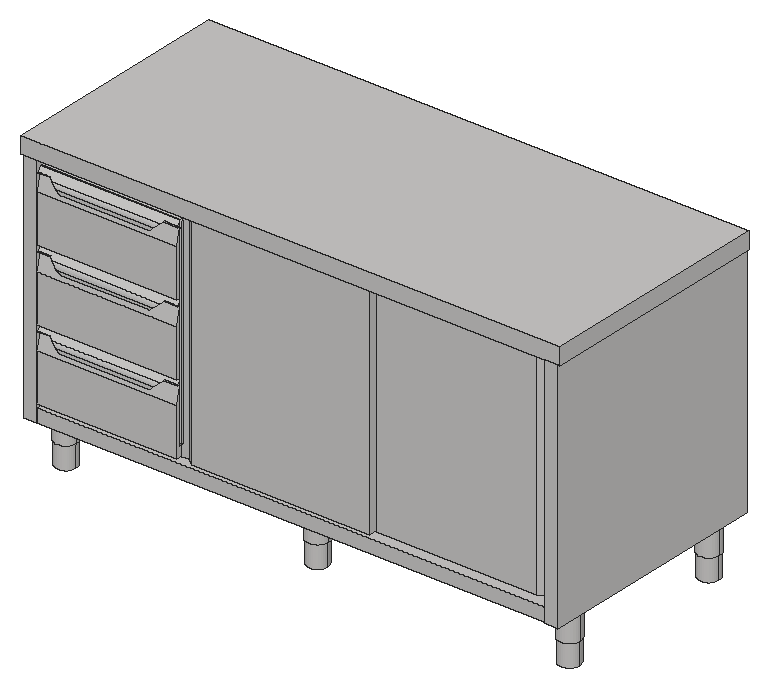
Revit family "QF_ELECTROLUXPROFESSIONAL_133262_MTA1600SXPN", category Attrezzature speciali, Revit 2020
Family settings
  Quota connettore circolare = Usa diametro
  Tipo di parte = Normale
  Basato su piano di lavoro = No
  Sempre verticale = Sì
  Taglio con vuoti quando caricato = No
  Condiviso = No
  Punto di calcolo locali = No
Parameters (values of type "Standard")
  Weight = 70.00 kg
  Watts = 0 W
  Volts = 0 V
  URL Manufacturer = "https://www.electroluxprofessional.com/"
  URL = "https://www.electroluxprofessional.com/"
  Steam Supply Size = 0 mm
  Steam Supply Minimum Pressure = 0.0 Pa
  Steam Supply Maximum Pressure = 0.0 Pa
  Steam Consumption per Hour = 0
  Refrigeration Suction Line Size = 0.0 mm
  Refrigeration Liquid Line Size = 0.0 mm
  Refrigerant Compressor Remote = yes
  Prospetto di default = 0.0 mm
  Phase = 0
  Modello = "MTA1600SXPN"
  Produttore = "Electrolux Professional"
  Length Actual = 1600.0 mm  # constant formula
  Item Number = "133262"
  Hot Water Size = 0 mm
  Height Actual = 900.0 mm  # constant formula
  HP = "0 HP"
  Gas Size = 0 mm
  Gas KW = 0
  Gas Input Pressure = 0 W
  Direct Waste Size = 0 mm
  Descrizione = "TABLE W/3 L/H DRAWERS+2 SLIDING D.1600MM"
  Depth Actual = 700.0 mm  # constant formula
  Cycle = 0 Hz
  Condensate Return Size = 0 mm
  Compressed Air Volume = 0.0 L/s
  Compressed Air Size = 0 mm
  Compressed Air Pressure = 0.0 Pa
  Cold Water Size = 0 mm
  Accessory = yes
Reference planes
  plane 1 "Center (Front/Back)": y = 0
  plane 2: z = 0
  plane 3 "BACK": y = 350
  plane 4 "FRONT": y = -350
  plane 5 "TOP": z = 900
  plane 6: y = 270
  plane 7: y = -247
  plane 8 "FEET": z = 150
  plane 9: y = -344.5
  plane 10 "BaseTop": z = 850
  plane 11: y = 344.5
  plane 12 "Center (Left/Right)": x = -200
  plane 13: x = 9
  plane 14 "Right": x = 600
  plane 15 "Left": x = -1000
  plane 16: x = 554
  plane 17: x = -954
  plane 18: x = 556.5
  plane 19: x = -538.5
  plane 20: x = 33.5
  plane 21: x = -15.5
  plane 22: x = 594.5
  plane 23: x = -536
  plane 24: x = -956.5
  plane 25: x = 547
  plane 26: x = -947
  plane 27: x = -994.5
Forms (mm)
  Extrusion 1, solid, material "QF_Finishes_Stainless Steel"
    sketch origin (-400, 0, 150) x (1, 0, 0) y (0, 1, 0)
      loop
        line (994.5, 350) -> (956.5, 350) -> (956.5, -350) -> (994.5, -350) -> (994.5, 350)
      loop
        line (-556.4, 350) -> (-594.5, 350) -> (-594.5, -344.5) -> (-556.4, -344.5) -> (-556.4, 350)
    from 0 to 700
  Extrusion 2, solid, material "QF_Finishes_Stainless Steel"
    sketch origin (-400, 0, 150) x (1, 0, 0) y (0, 1, 0)
      loop
        line (956.5, 347) -> (-556.5, 347) -> (-556.5, -344.5) -> (956.5, -344.5) -> (956.5, 347)
    from 0 to 40
  Extrusion 3, solid, material "QF_Finishes_Stainless Steel"
    sketch origin (-433, 0, 150) x (1, 0, 0) y (0, 1, 0)
      loop
        line (417.5, -324.5) -> (946.034, -324.5) -> (966.034, -307.5) -> (985, -307.5) -> (985, -315.812) -> (976.312, -324.5) -> (977.942, -326.129) -> (987, -317.071) -> (987, -304.5) -> (417.5, -304.5) -> (417.5, -324.5)
    from 700 to 50
  Extrusion 4, void
    sketch origin (-400, -350, 0) x (1, 0, 0) y (0, 0, -1)
      loop
        line (942.418, -247.973) -> (956.5, -229.369) -> (956.5, -191.4) -> (942.418, -191.4) -> (942.418, -247.973)
      loop
        line (942.418, -816.627) -> (942.418, -850) -> (956.5, -850) -> (956.5, -835.231) -> (942.418, -816.627)
    from 20.5 to 40.5
  Extrusion 5, solid, material "QF_Finishes_Stainless Steel"
    sketch origin (-400, 0, 150) x (1, 0, 0) y (0, 1, 0)
      loop
        line (-556.5, 350) -> (-556.5, 327) -> (956.5, 327) -> (956.5, 350) -> (-556.5, 350)
    from 700 to 40
  Extrusion 6, solid, material "QF_Finishes_Stainless Steel"
    sketch origin (9, 0, 0) x (0, 1, 0) y (0, 0, -1)
      loop
        line (-350, -900) -> (350, -900) -> (350, -850) -> (-350, -850) -> (-350, -900)
    from 1009 to -591
  Extrusion 7, solid, material "QF_Finishes_Stainless Steel"
    sketch origin (447, -20, 150) x (-1, 0, 0) y (0, -1, 0)
      loop
        line (413.5, 324.5) -> (413.5, 304.5) -> (983, 304.5) -> (983, 319.071) -> (975.942, 326.129) -> (974.312, 324.5) -> (981, 317.812) -> (981, 309.5) -> (964.034, 309.5) -> (944.034, 324.5) -> (413.5, 324.5)
    from 700 to 50
  Extrusion 8, void
    sketch origin (414, -350, 0) x (-1, 0, 0) y (0, 0, 1)
      loop
        line (940.418, 247.973) -> (940.418, 191.4) -> (952.5, 191.4) -> (952.5, 229.369) -> (940.418, 247.973)
      loop
        line (940.418, 816.627) -> (952.5, 835.231) -> (952.5, 850) -> (940.418, 850) -> (940.418, 816.627)
    from 2.49 to 20.5
  Extrusion 9, solid, material "QF_Finishes_Stainless Steel"
    sketch origin (0, 0, 850) x (-1, 0, 0) y (0, -1, 0)
      loop
        line (-556.5, 304.5) -> (-556.5, 299.5) -> (-554, 299.5) -> (-554, 304.5) -> (-556.5, 304.5)
    from 0 to -2
Cuts and joins
  Extrusion 4 cuts Extrusion 1
  Extrusion 4 cuts Extrusion 3
  Extrusion 4 cuts Extrusion 6
  Extrusion 8 cuts Extrusion 7
Lines and regions (mm)
  symbolic lines, style "SpecialityEquipment"
    curve 1: line (-1000, 350, 850) -> (600, 350, 850)
    curve 2: line (-1000, -350, 850) -> (-1000, 350, 850)
    curve 3: line (600, -350, 850) -> (-1000, -350, 850)
    curve 4: line (600, 350, 850) -> (600, -350, 850)
    curve 10: line (-1000, 337, 850) -> (600, 337, 850)
  symbolic lines, style "SpecialityEquipmentHiddenLines"
    curve 5: line (33.5, -324.5, 200) -> (33.5, -344.5, 200)
    curve 6: line (-431.5, -344.5, 850) -> (99.034, -344.5, 850)
    curve 7: line (99.034, -344.5, 850) -> (119.034, -329.5, 850)
    curve 8: line (119.034, -329.5, 850) -> (138, -329.5, 850)
    curve 9: line (138, -329.5, 850) -> (138, -324.5, 850)
    curve 11: line (554, -304.5, 850) -> (-15.5, -304.5, 850)
    curve 12: line (-15.5, -304.5, 850) -> (-15.5, -324.5, 850)
    curve 13: line (-536, -324.5, 850) -> (513.034, -324.5, 850)
    curve 14: line (513.034, -324.5, 850) -> (533.034, -309.5, 850)
    curve 15: line (533.034, -309.5, 850) -> (554, -309.5, 850)
    curve 16: line (554, -309.5, 850) -> (554, -304.5, 850)
    curve 17: line (-497.034, -344.5, 850) -> (-517.034, -329.5, 850)
    curve 18: line (-517.034, -329.5, 850) -> (-536, -329.5, 850)
    curve 19: line (-536, -329.5, 850) -> (-536, -324.5, 850)
Dimensions and locks
  plane 3 "BACK" to plane 4 "FRONT" = 700.0 mm
  equal spacing: plane 3 "BACK", plane 1 "Center (Front/Back)", plane 4 "FRONT"
  locked: plane 8 "FEET" to level at 150
  locked: plane 3 "BACK" to plane 6 at 80
  locked: plane 7 to plane 4 "FRONT" at 103
  plane 9 to plane 4 "FRONT" = 5.5 mm  (x2)
  plane 3 "BACK" to plane 11 = 5.5 mm
  locked: plane 5 "TOP" to level at 900
  plane 20 to plane 21 = 49.0 mm
  equal spacing: plane 20, plane 13, plane 21
  locked: plane 14 "Right" to plane 22 at 5.5
  locked: plane 22 to plane 18 at 38
  locked: plane 23 to plane 19 at 2.5
  equal spacing: plane 16, plane 13, plane 23
  locked: plane 16 to plane 23 at 1090
  locked: plane 14 "Right" to plane 15 "Left" at 1600
  locked: plane 25 to plane 22 at 47.5
  locked: plane 27 to plane 15 "Left" at 5.5
  locked: plane 24 to plane 27 at 38
  locked: plane 17 to plane 24 at 2.5
  locked: plane 27 to plane 26 at 47.5
  plane 14 "Right" to plane 15 "Left" = 1600.0 mm
  locked: plane 18 to plane 16 at 2.5
  aligned and locked: level to plane 2
  aligned and locked: Extrusion 1 to plane 18
  aligned and locked: plane 18 to Extrusion 2
  aligned and locked: Extrusion 3 to plane 21
  aligned and locked: nested 4 to nested 2
  aligned and locked: plane 18 to Extrusion 5
  aligned and locked: plane 14 "Right" to Extrusion 6
  aligned and locked: Extrusion 6 to plane 15 "Left"
  aligned and locked: plane 24 to Extrusion 2 sketch curve
  aligned and locked: nested 1 to plane 25
  aligned and locked: nested 3 to nested 1
  aligned and locked: nested 2 to plane 26
  aligned and locked: nested 6 to nested 5
  aligned and locked: plane 24 to Extrusion 5
  aligned and locked: curve 5 to cut or joined group of Extrusion 7, Extrusion 8
  aligned and locked: nested 7 to plane 17
Automatic sketch dimensions
  curve 5 to plane 9 = 0.0 mm
  plane 9 to curve 5 = 20.0 mm
  Extrusion 6 sketch curve to plane 4 "FRONT" = 0.0 mm
  Extrusion 6 sketch curve to plane 3 "BACK" = 0.0 mm
  Extrusion 6 sketch curve to plane 10 "BaseTop" = 0.0 mm
  Extrusion 7 sketch curve to plane 20 = 0.0 mm
  Extrusion 7 sketch curve to plane 9 = 0.0 mm  (x2)
  Extrusion 7 sketch curve to plane 23 = 0.0 mm
  Extrusion 7 sketch curve to plane 23 = 38.966 mm
  Extrusion 7 sketch curve to plane 23 = 18.966 mm
  Extrusion 7 sketch curve to plane 23 = 8.688 mm
  Extrusion 7 sketch curve to plane 9 = 1.629 mm
  Extrusion 7 sketch curve to Extrusion 7 sketch curve = 1.629 mm
  Extrusion 7 sketch curve to plane 23 = 2.0 mm
  plane 9 to Extrusion 7 sketch curve = 15.0 mm
  Extrusion 7 sketch curve to Extrusion 7 sketch curve = 5.0 mm
  Extrusion 8 sketch curve to plane 10 "BaseTop" = 0.0 mm
  plane 19 to Extrusion 8 sketch curve = 0.0 mm  (x2)
  Extrusion 8 sketch curve to plane 23 = 9.582 mm  (x2)
  Extrusion 8 sketch curve to Extrusion 8 sketch curve = 14.769 mm
  Extrusion 8 sketch curve to Extrusion 8 sketch curve = 18.604 mm  (x2)
  plane 8 "FEET" to Extrusion 8 sketch curve = 97.973 mm
  Extrusion 8 sketch curve to Extrusion 8 sketch curve = 37.969 mm
  curve 4 to plane 3 "BACK" = 0.0 mm
  curve 4 to plane 14 "Right" = 0.0 mm
  curve 16 to plane 16 = 0.0 mm
  curve 6 to plane 9 = 0.0 mm
  curve 12 to plane 21 = 0.0 mm
  curve 17 to plane 9 = 0.0 mm
  curve 18 to plane 23 = 0.0 mm
  curve 3 to plane 4 "FRONT" = 0.0 mm
  curve 3 to plane 15 "Left" = 0.0 mm
  plane 25 to curve 14 = 13.966 mm
  curve 14 to curve 13 = 20.0 mm
  plane 9 to curve 8 = 15.0 mm
  curve 8 to plane 20 = 104.5 mm
  curve 8 to curve 8 = 18.966 mm
  curve 7 to curve 6 = 20.0 mm
  curve 18 to curve 18 = 18.966 mm
  plane 9 to curve 11 = 40.0 mm
  curve 11 to curve 16 = 5.0 mm
  plane 9 to curve 13 = 20.0 mm
  curve 13 to curve 19 = 5.0 mm
  curve 6 to curve 17 = 85.534 mm
  curve 17 to curve 17 = 20.0 mm
  curve 10 to plane 11 = 7.5 mm
  Extrusion 1 sketch curve to plane 9 = 0.0 mm
  Extrusion 1 sketch curve to plane 27 = 0.0 mm
  Extrusion 1 sketch curve to plane 3 "BACK" = 0.0 mm  (x2)
  Extrusion 1 sketch curve to plane 18 = 0.0 mm
  Extrusion 1 sketch curve to plane 4 "FRONT" = 0.0 mm
  Extrusion 1 sketch curve to plane 22 = 0.0 mm
  plane 24 to Extrusion 1 sketch curve = 0.1 mm
  Extrusion 2 sketch curve to plane 9 = 0.0 mm
  Extrusion 2 sketch curve to plane 18 = 0.0 mm
  plane 11 to Extrusion 2 sketch curve = 2.5 mm
  Extrusion 3 sketch curve to plane 21 = 0.0 mm
  Extrusion 3 sketch curve to plane 16 = 0.0 mm
  plane 25 to Extrusion 3 sketch curve = 33.966 mm
  plane 25 to Extrusion 3 sketch curve = 13.966 mm
  plane 25 to Extrusion 3 sketch curve = 3.688 mm
  plane 25 to Extrusion 3 sketch curve = 2.058 mm
  plane 16 to Extrusion 3 sketch curve = 2.0 mm
  plane 4 "FRONT" to Extrusion 3 sketch curve = 23.871 mm
  plane 9 to Extrusion 3 sketch curve = 20.0 mm
  Extrusion 3 sketch curve to Extrusion 3 sketch curve = 1.629 mm
  Extrusion 3 sketch curve to Extrusion 3 sketch curve = 8.312 mm
  Extrusion 3 sketch curve to Extrusion 3 sketch curve = 20.0 mm
  Extrusion 4 sketch curve to plane 10 "BaseTop" = 0.0 mm
  plane 18 to Extrusion 4 sketch curve = 0.0 mm  (x2)
  plane 25 to Extrusion 4 sketch curve = 4.582 mm  (x2)
  Extrusion 4 sketch curve to Extrusion 4 sketch curve = 14.769 mm
  Extrusion 4 sketch curve to Extrusion 4 sketch curve = 18.604 mm  (x2)
  plane 8 "FEET" to Extrusion 4 sketch curve = 97.973 mm
  Extrusion 4 sketch curve to Extrusion 4 sketch curve = 37.969 mm
  Extrusion 5 sketch curve to plane 3 "BACK" = 0.0 mm
  Extrusion 5 sketch curve to plane 24 = 0.0 mm
  Extrusion 5 sketch curve to plane 18 = 0.0 mm
  Extrusion 5 sketch curve to plane 11 = 17.5 mm
  Extrusion 9 sketch curve to plane 16 = 0.0 mm
  plane 18 to Extrusion 9 sketch curve = 0.0 mm
  plane 9 to Extrusion 9 sketch curve = 45.0 mm
  Extrusion 9 sketch curve to Extrusion 9 sketch curve = 5.0 mm
  Extrusion 6 sketch curve to plane 5 "TOP" = 0.0 mm
Nested families
  nested 1: "FEET_D60-150" at (547, -247, 0) x (-1, 0, 0) z (0, 0, 1), type "FEET_D60-150"
  nested 2: "FEET_D60-150" at (-947, -247, 0) x (-1, 0, 0) z (0, 0, 1), type "FEET_D60-150"
  nested 3: "FEET_D60-150" at (547, 270, 0) x (-1, 0, 0) z (0, 0, 1), type "FEET_D60-150"
  nested 4: "FEET_D60-150" at (-947, 270, 0) x (-1, 0, 0) z (0, 0, 1), type "FEET_D60-150"
  nested 5: "FEET_D60-150" at (-200, -247, 0) x (-1, 0, 0) z (0, 0, 1), type "FEET_D60-150"
  nested 6: "FEET_D60-150" at (-200, 270, 0) x (-1, 0, 0) z (0, 0, 1), type "FEET_D60-150"
  nested 7: "H637_600_3DRAWERS" at (-710.458, -304.5, 152) x (-1, 0, 0) z (0, -1, 0), type "H637_600_3DRAWERS"
    with Show Clearance yes
Definition of nested family "FEET_D60-150"
  Parameters
    Default Elevation = 0.0 mm
    FEET = 150.0 mm
  Reference planes
    plane 1 "Center (Front/Back)": y = 0
    plane 2: z = 0
    plane 3 "Center (Left/Right)": x = 0
    plane 4: z = 150
  Forms (mm)
    Extrusion 1, solid
      sketch origin (0, 0, 0) x (1, 0, 0) y (0, 1, 0)
        loop
          circle (0, 0) r 28
      from 0 to 67
    Revolve 2, solid
      sketch origin (0, 0, 0) x (1, 0, 0) y (0, 0, 1)
        loop
          line (0, 0) -> (0, 150) -> (-32.939, 150) -> (-32.939, 67) -> (-30, 67) -> (-30, 0) -> (0, 0)
        axis (0, 150) -> (0, 0)
      angle from 0 to 360
  Lines and regions (mm)
    symbolic lines
      curve 1: line (0, -1.503, 0) -> (0, 1.508, 0)
      curve 2: line (1.561, 0, 0) -> (-1.439, 0, 0)
  Dimensions and locks
    "FEET": plane 4 to plane 2
    aligned and locked: level to plane 2
  Automatic sketch dimensions
    plane 1 "Center (Front/Back)" to Extrusion 1 sketch curve = 0.0 mm
    Extrusion 1 sketch curve to plane 3 "Center (Left/Right)" = 0.0 mm
    plane 1 "Center (Front/Back)" to curve 2 = 0.0 mm
    curve 1 to plane 3 "Center (Left/Right)" = 0.0 mm
    curve 2 to plane 3 "Center (Left/Right)" = 1.439 mm
    plane 3 "Center (Left/Right)" to curve 2 = 1.561 mm
    plane 1 "Center (Front/Back)" to curve 1 = 1.503 mm
    curve 1 to plane 1 "Center (Front/Back)" = 1.508 mm
    Revolve 2 sketch curve to plane 4 = 0.0 mm
    Revolve 2 sketch curve to level = 0.0 mm
    Revolve 2 sketch curve to plane 3 "Center (Left/Right)" = 0.0 mm  (x2)
    Revolve 2 sketch curve to plane 3 "Center (Left/Right)" = 30.0 mm
    Revolve 2 sketch curve to plane 3 "Center (Left/Right)" = 32.939 mm
    level to Revolve 2 sketch curve = 67.0 mm
    Revolve 2 sketch curve to level = 42.207 mm
    Revolve 2 sketch curve to Revolve 2 sketch curve = 10.0 mm
    radius of Extrusion 1 sketch curve = 28.0 mm
Definition of nested family "H637_600_3DRAWERS"
  Parameters
    Width = 419.0 mm
    Show Clearance [instance] = yes
    Model = "727995"
    Height = 700.0 mm
    Default Elevation = 0.0 mm
  Reference planes
    plane 1 "Center (Front/Back)": y = 0
    plane 2: z = 0
    plane 3 "Center (Left/Right)": x = 36.042
    plane 4 "panel": z = 25
    plane 5 "Left": x = -173.458
    plane 6 "Right": x = 245.542
    plane 7: y = 700
    plane 8: z = 45
    plane 9: x = 243.542
    plane 10: x = -171.458
    plane 11: y = 676
    plane 12: y = 38
    plane 13: z = 499.734
    plane 14: y = 470
    plane 15: y = 465
    plane 16: y = 259
    plane 17: y = 254
    plane 18: y = 48
  Forms (mm)
    Extrusion 1, solid
      sketch origin (0, -919.2, 0) x (1, 0, 0) y (0, 1, 0)
        loop
          line (-980.5, 2119.2) -> (-980.5, -162.846) -> (881.94, -162.846) -> (881.94, 2119.2) -> (-980.5, 2119.2)
      from 0 to -59.546
    Extrusion 2, solid
      sketch origin (36.042, -645.693, 0) x (0, 1, 0) y (0, 0, 1)
        loop
          line (856.63, 49.734) -> (856.63, 47.734) -> (866.98, 47.734)
          arc (866.98, 47.734) -> (873.586, 46.42) -> (879.186, 42.679) r 17.261
          line (879.186, 42.679) -> (896.019, 25.845) -> (899.693, 25) -> (880.6, 44.093)
          arc (880.6, 44.093) -> (874.351, 48.268) -> (866.98, 49.734) r 19.261
          line (866.98, 49.734) -> (856.63, 49.734)
      from -207.5 to 207.5
    Extrusion 3, solid, detail levels coarse
      sketch origin (0, 0, 0) x (1, 0, 0) y (0, 0, 1)
        loop
          line (-171.458, 40) -> (243.542, 40) -> (243.542, 499.734) -> (-171.458, 499.734) -> (-171.458, 40)
      from -48 to -254
    Extrusion 4, solid
      sketch origin (36.042, -616, 0) x (0, 1, 0) y (0, 0, 1)
        loop
          line (664.4, 40) -> (664.4, 0) -> (870, 0) -> (870, 25) -> (804.797, 40) -> (664.4, 40)
      from 207.5 to -207.5
    Extrusion 5, void
      sketch origin (0, 0, 0) x (1, 0, 0) y (0, 1, 0)
        loop
          line (-99.744, 213.799) -> (-133.705, 243.322) -> (-166.458, 243.322)
          arc (-166.458, 243.322) -> (-169.994, 244.786) -> (-171.458, 248.322) r 5
          line (-171.458, 248.322) -> (-171.458, 210.937) -> (-91.403, 210.937)
          arc (-91.403, 210.937) -> (-95.762, 211.819) -> (-99.744, 213.799) r 17.035
      from 36.678 to 53.74
    Extrusion 6, void
      sketch origin (72.084, 0, 0) x (-1, 0, 0) y (0, -1, 0)
        loop
          arc (-99.744, -213.799) -> (-95.762, -211.819) -> (-91.403, -210.937) r 17.035
          line (-91.403, -210.937) -> (-171.458, -210.937) -> (-171.458, -248.322)
          arc (-171.458, -248.322) -> (-169.994, -244.786) -> (-166.458, -243.322) r 5
          line (-166.458, -243.322) -> (-133.705, -243.322) -> (-99.744, -213.799)
      from 36.678 to 53.74
    Extrusion 7, solid
      sketch origin (36.042, -434.693, 0) x (0, 1, 0) y (0, 0, 1)
        loop
          line (856.63, 49.734) -> (856.63, 47.734) -> (866.98, 47.734)
          arc (866.98, 47.734) -> (873.586, 46.42) -> (879.186, 42.679) r 17.261
          line (879.186, 42.679) -> (896.019, 25.845) -> (899.693, 25) -> (880.6, 44.093)
          arc (880.6, 44.093) -> (874.351, 48.268) -> (866.98, 49.734) r 19.261
          line (866.98, 49.734) -> (856.63, 49.734)
      from -207.5 to 207.5
    Extrusion 8, solid
      sketch origin (36.042, -405, 0) x (0, 1, 0) y (0, 0, 1)
        loop
          line (664, 40) -> (664, 0) -> (870, 0) -> (870, 25) -> (804.797, 40) -> (664, 40)
      from 207.5 to -207.5
    Extrusion 9, void
      sketch origin (0, 211, 0) x (1, 0, 0) y (0, 1, 0)
        loop
          line (-99.744, 213.799) -> (-133.705, 243.322) -> (-166.458, 243.322)
          arc (-166.458, 243.322) -> (-169.994, 244.786) -> (-171.458, 248.322) r 5
          line (-171.458, 248.322) -> (-171.458, 210.937) -> (-91.403, 210.937)
          arc (-91.403, 210.937) -> (-95.762, 211.819) -> (-99.744, 213.799) r 17.035
      from 36.678 to 53.74
    Extrusion 10, void
      sketch origin (72.084, 211, 0) x (-1, 0, 0) y (0, -1, 0)
        loop
          arc (-99.744, -213.799) -> (-95.762, -211.819) -> (-91.403, -210.937) r 17.035
          line (-91.403, -210.937) -> (-171.458, -210.937) -> (-171.458, -248.322)
          arc (-171.458, -248.322) -> (-169.994, -244.786) -> (-166.458, -243.322) r 5
          line (-166.458, -243.322) -> (-133.705, -243.322) -> (-99.744, -213.799)
      from 36.678 to 53.74
    Extrusion 11, solid
      sketch origin (36.042, -223.693, 0) x (0, 1, 0) y (0, 0, 1)
        loop
          line (856.63, 49.734) -> (856.63, 47.734) -> (866.98, 47.734)
          arc (866.98, 47.734) -> (873.586, 46.42) -> (879.186, 42.679) r 17.261
          line (879.186, 42.679) -> (896.019, 25.845) -> (899.693, 25) -> (880.6, 44.093)
          arc (880.6, 44.093) -> (874.351, 48.268) -> (866.98, 49.734) r 19.261
          line (866.98, 49.734) -> (856.63, 49.734)
      from -207.5 to 207.5
    Extrusion 12, solid
      sketch origin (36.042, -194, 0) x (0, 1, 0) y (0, 0, 1)
        loop
          line (664, 40) -> (664, 0) -> (870, 0) -> (870, 25) -> (804.797, 40) -> (664, 40)
      from 207.5 to -207.5
    Extrusion 13, void
      sketch origin (0, 422, 0) x (1, 0, 0) y (0, 1, 0)
        loop
          line (-99.744, 213.799) -> (-133.705, 243.322) -> (-166.458, 243.322)
          arc (-166.458, 243.322) -> (-169.994, 244.786) -> (-171.458, 248.322) r 5
          line (-171.458, 248.322) -> (-171.458, 210.937) -> (-91.403, 210.937)
          arc (-91.403, 210.937) -> (-95.762, 211.819) -> (-99.744, 213.799) r 17.035
      from 36.678 to 53.74
    Extrusion 14, void
      sketch origin (72.084, 422, 0) x (-1, 0, 0) y (0, -1, 0)
        loop
          arc (-99.744, -213.799) -> (-95.762, -211.819) -> (-91.403, -210.937) r 17.035
          line (-91.403, -210.937) -> (-171.458, -210.937) -> (-171.458, -248.322)
          arc (-171.458, -248.322) -> (-169.994, -244.786) -> (-166.458, -243.322) r 5
          line (-166.458, -243.322) -> (-133.705, -243.322) -> (-99.744, -213.799)
      from 36.678 to 53.74
    Extrusion 15, solid, detail levels coarse
      sketch origin (0, 0, 0) x (1, 0, 0) y (0, 0, 1)
        loop
          line (-171.458, 40) -> (243.542, 40) -> (243.542, 499.734) -> (-171.458, 499.734) -> (-171.458, 40)
      from -259 to -465
    Extrusion 16, solid, detail levels coarse
      sketch origin (0, 0, 0) x (1, 0, 0) y (0, 0, 1)
        loop
          line (-171.458, 40) -> (243.542, 40) -> (243.542, 499.734) -> (-171.458, 499.734) -> (-171.458, 40)
      from -470 to -676
  Cuts and joins
    Extrusion 5, Extrusion 6, Extrusion 9, Extrusion 10 cuts Extrusion 2
    Extrusion 5 cuts Extrusion 4
    Extrusion 9, Extrusion 10, Extrusion 13, Extrusion 14 cuts Extrusion 7
    Extrusion 13, Extrusion 14 cuts Extrusion 11
  Lines and regions (mm)
    symbolic lines
      curve 1: line (243.542, 0, 179.734) -> (243.542, 0, 199.734)
      curve 2: line (212.235, 0, 49.734) -> (-171.458, 0, 49.734)
      curve 3: spline (231.959, 0, 44.389) -> (230.421, 0, 45.265) -> (228.856, 0, 46.066) -> (227.265, 0, 46.791) -> (225.651, 0, 47.437) -> (224.017, 0, 48.005) -> (222.365, 0, 48.493) -> (220.698, 0, 48.9) -> (219.019, 0, 49.226) -> (217.331, 0, 49.471) -> (215.636, 0, 49.633) -> (213.936, 0, 49.712) -> (212.236, 0, 49.71)
      curve 4: line (238.456, 0, 40) -> (231.959, 0, 44.389)
      curve 5: line (243.542, 0, 500) -> (-171.458, 0, 500)
      curve 6: line (243.542, 0, 349.734) -> (-171.458, 0, 349.734)
      curve 7: line (243.542, 0, 199.734) -> (-171.458, 0, 199.734)
      curve 8: line (243.542, 0, 480) -> (-171.458, 0, 480)
      curve 9: line (243.542, 0, 329.734) -> (-171.458, 0, 329.734)
      curve 10: line (243.542, 0, 179.734) -> (-171.458, 0, 179.734)
      curve 11: line (-156.458, 0, 49.734) -> (-156.458, 0, 179.734)
      curve 12: line (-156.458, 0, 349.734) -> (-156.458, 0, 480)
      curve 13: line (-156.458, 0, 199.734) -> (-156.458, 0, 329.734)
      curve 14: line (228.542, 0, 49.734) -> (228.542, 0, 179.734)
      curve 15: line (228.542, 0, 349.734) -> (228.542, 0, 480)
      curve 16: line (228.542, 0, 199.734) -> (228.542, 0, 329.734)
      curve 17: line (243.542, 0, 480) -> (243.542, 0, 500)
      curve 18: line (243.542, 0, 329.734) -> (243.542, 0, 349.734)
      curve 19: line (-171.458, 0, 179.734) -> (-171.458, 0, 199.734)
      curve 20: line (-171.458, 0, 480) -> (-171.458, 0, 500)
      curve 21: line (-171.458, 0, 329.734) -> (-171.458, 0, 349.734)
  Dimensions and locks
    plane 4 "panel" to level = 25.0 mm
    "Width": plane 5 "Left" to plane 6 "Right"
    equal spacing: plane 5 "Left", plane 3 "Center (Left/Right)", plane 6 "Right"
    "Height": plane 1 "Center (Front/Back)" to plane 7
    plane 9 to plane 6 "Right" = 2.0 mm
    plane 5 "Left" to plane 10 = 2.0 mm
    plane 7 to plane 11 = 24.0 mm
    plane 1 "Center (Front/Back)" to plane 12 = 38.0 mm
    plane 10 to plane 9 = 415.0 mm
    plane 11 to plane 14 = 206.0 mm
    locked: plane 14 to plane 15 at 5
    plane 15 to plane 16 = 206.0 mm
    locked: plane 16 to plane 17 at 5
    plane 17 to plane 18 = 206.0 mm  (x2)
    plane 16 to plane 17 = 5.0 mm
    plane 14 to plane 15 = 5.0 mm
    plane 16 to plane 15 = 206.0 mm
    plane 14 to plane 11 = 206.0 mm
    aligned and locked: plane 2 to Extrusion 1
    aligned and locked: level to Extrusion 1
    aligned and locked: plane 9 to Extrusion 4
    aligned and locked: plane 10 to Extrusion 4
  Automatic sketch dimensions
    Extrusion 1 sketch curve to Extrusion 1 sketch curve = 1862.44 mm
    Extrusion 1 sketch curve to Extrusion 1 sketch curve = 2282.046 mm
    Extrusion 2 sketch curve to Extrusion 2 sketch curve = 0.0 mm  (x2)
    Extrusion 2 sketch curve to plane 4 "panel" = 0.0 mm
    Extrusion 2 sketch curve to plane 17 = 0.0 mm
    plane 4 "panel" to Extrusion 2 sketch curve = 0.845 mm
    Extrusion 2 sketch curve to plane 17 = 3.674 mm
    Extrusion 2 sketch curve to plane 8 = 0.907 mm
    Extrusion 2 sketch curve to plane 17 = 19.093 mm
    Extrusion 2 sketch curve to plane 8 = 2.321 mm
    Extrusion 2 sketch curve to Extrusion 2 sketch curve = 1.414 mm
    plane 4 "panel" to Extrusion 2 sketch curve = 5.474 mm
    Extrusion 2 sketch curve to Extrusion 2 sketch curve = 12.205 mm
    Extrusion 2 sketch curve to Extrusion 2 sketch curve = 10.351 mm
    Extrusion 4 sketch curve to level = 0.0 mm
    Extrusion 4 sketch curve to plane 4 "panel" = 0.0 mm
    Extrusion 4 sketch curve to plane 17 = 0.0 mm
    Extrusion 4 sketch curve to plane 8 = 5.0 mm
    Extrusion 4 sketch curve to plane 17 = 65.203 mm
    plane 18 to Extrusion 4 sketch curve = 0.4 mm
    Extrusion 7 sketch curve to Extrusion 7 sketch curve = 0.0 mm  (x2)
    Extrusion 7 sketch curve to plane 4 "panel" = 0.0 mm
    Extrusion 7 sketch curve to plane 15 = 0.0 mm
    plane 4 "panel" to Extrusion 7 sketch curve = 0.845 mm
    Extrusion 7 sketch curve to plane 15 = 3.674 mm
    Extrusion 7 sketch curve to plane 8 = 0.907 mm
    Extrusion 7 sketch curve to plane 15 = 19.093 mm
    Extrusion 7 sketch curve to plane 8 = 2.321 mm
    Extrusion 7 sketch curve to Extrusion 7 sketch curve = 1.414 mm
    plane 4 "panel" to Extrusion 7 sketch curve = 5.474 mm
    Extrusion 7 sketch curve to Extrusion 7 sketch curve = 12.205 mm
    Extrusion 7 sketch curve to Extrusion 7 sketch curve = 10.351 mm
    Extrusion 8 sketch curve to plane 16 = 0.0 mm
    Extrusion 8 sketch curve to plane 4 "panel" = 0.0 mm
    Extrusion 8 sketch curve to plane 15 = 0.0 mm
    Extrusion 8 sketch curve to level = 0.0 mm
    Extrusion 8 sketch curve to plane 8 = 5.0 mm
    Extrusion 8 sketch curve to plane 15 = 65.203 mm
    Extrusion 11 sketch curve to Extrusion 11 sketch curve = 0.0 mm  (x2)
    Extrusion 11 sketch curve to plane 4 "panel" = 0.0 mm
    Extrusion 11 sketch curve to plane 11 = 0.0 mm
    plane 4 "panel" to Extrusion 11 sketch curve = 0.845 mm
    Extrusion 11 sketch curve to plane 11 = 3.674 mm
    Extrusion 11 sketch curve to plane 8 = 0.907 mm
    Extrusion 11 sketch curve to plane 11 = 19.093 mm
    Extrusion 11 sketch curve to plane 8 = 2.321 mm
    Extrusion 11 sketch curve to Extrusion 11 sketch curve = 1.414 mm
    plane 4 "panel" to Extrusion 11 sketch curve = 5.474 mm
    Extrusion 11 sketch curve to Extrusion 11 sketch curve = 12.205 mm
    Extrusion 11 sketch curve to Extrusion 11 sketch curve = 10.351 mm
    Extrusion 12 sketch curve to plane 14 = 0.0 mm
    Extrusion 12 sketch curve to plane 4 "panel" = 0.0 mm
    Extrusion 12 sketch curve to plane 11 = 0.0 mm
    Extrusion 12 sketch curve to level = 0.0 mm
    Extrusion 12 sketch curve to plane 8 = 5.0 mm
    Extrusion 12 sketch curve to plane 11 = 65.203 mm
    plane 10 to curve 21 = 0.0 mm
    plane 10 to curve 20 = 0.0 mm
    plane 10 to curve 2 = 0.0 mm
    plane 10 to curve 19 = 0.0 mm
    curve 6 to plane 9 = 0.0 mm
    curve 7 to plane 9 = 0.0 mm
    curve 17 to plane 9 = 0.0 mm
    curve 4 to plane 8 = 0.611 mm
    curve 4 to plane 9 = 11.583 mm
    plane 8 to curve 19 = 134.734 mm
    curve 19 to curve 19 = 20.0 mm
    curve 1 to curve 18 = 130.0 mm
    curve 9 to curve 18 = 20.0 mm
    plane 13 to curve 17 = 19.734 mm
    curve 20 to plane 13 = 0.266 mm
    plane 8 to curve 11 = 4.734 mm
    curve 11 to plane 10 = 15.0 mm
    curve 21 to curve 12 = 15.0 mm
    curve 19 to curve 13 = 15.0 mm
    curve 2 to curve 3 = 19.723 mm
    curve 2 to curve 3 = 0.0 mm
    curve 3 to level = 1.281 mm
    curve 3 to plane 6 "Right" = 32.398 mm
    curve 15 to curve 6 = 15.0 mm
    curve 14 to curve 1 = 15.0 mm
    curve 16 to curve 1 = 15.0 mm
    curve 4 to plane 9 = 5.086 mm
    curve 4 to plane 8 = 5.0 mm
    curve 3 to curve 2 = 0.025 mm
    plane 8 to curve 14 = 4.734 mm
    plane 10 to Extrusion 3 sketch curve = 0.0 mm
    Extrusion 3 sketch curve to plane 9 = 0.0 mm
    Extrusion 3 sketch curve to plane 13 = 0.0 mm
    Extrusion 3 sketch curve to plane 8 = 5.0 mm
    Extrusion 5 sketch curve to plane 10 = 0.0 mm
    Extrusion 5 sketch curve to plane 10 = 5.0 mm
    Extrusion 5 sketch curve to plane 17 = 10.678 mm
    Extrusion 5 sketch curve to Extrusion 5 sketch curve = 32.753 mm
    Extrusion 5 sketch curve to Extrusion 5 sketch curve = 33.961 mm
    Extrusion 5 sketch curve to Extrusion 5 sketch curve = 8.34 mm
    Extrusion 5 sketch curve to Extrusion 5 sketch curve = 9.511 mm
    Extrusion 5 sketch curve to plane 17 = 26.068 mm
    Extrusion 5 sketch curve to Extrusion 5 sketch curve = 14.132 mm
    Extrusion 6 sketch curve to plane 9 = 0.0 mm
    plane 9 to Extrusion 6 sketch curve = 5.0 mm
    plane 17 to Extrusion 6 sketch curve = 10.678 mm
    Extrusion 6 sketch curve to Extrusion 6 sketch curve = 32.753 mm
    Extrusion 6 sketch curve to Extrusion 6 sketch curve = 33.961 mm
    Extrusion 6 sketch curve to Extrusion 6 sketch curve = 8.34 mm
    Extrusion 6 sketch curve to Extrusion 6 sketch curve = 1.171 mm
    plane 17 to Extrusion 6 sketch curve = 26.068 mm
    Extrusion 6 sketch curve to Extrusion 6 sketch curve = 14.132 mm
    Extrusion 9 sketch curve to plane 10 = 0.0 mm
    Extrusion 9 sketch curve to plane 10 = 5.0 mm
    Extrusion 9 sketch curve to plane 15 = 10.678 mm
    Extrusion 9 sketch curve to Extrusion 9 sketch curve = 32.753 mm
    Extrusion 9 sketch curve to Extrusion 9 sketch curve = 33.961 mm
    Extrusion 9 sketch curve to Extrusion 9 sketch curve = 8.34 mm
    Extrusion 9 sketch curve to Extrusion 9 sketch curve = 9.511 mm
    Extrusion 9 sketch curve to plane 15 = 26.068 mm
    Extrusion 9 sketch curve to Extrusion 9 sketch curve = 14.132 mm
    Extrusion 10 sketch curve to plane 9 = 0.0 mm
    plane 9 to Extrusion 10 sketch curve = 5.0 mm
    plane 15 to Extrusion 10 sketch curve = 10.678 mm
    Extrusion 10 sketch curve to Extrusion 10 sketch curve = 32.753 mm
    Extrusion 10 sketch curve to Extrusion 10 sketch curve = 33.961 mm
    Extrusion 10 sketch curve to Extrusion 10 sketch curve = 8.34 mm
    Extrusion 10 sketch curve to Extrusion 10 sketch curve = 1.171 mm
    plane 15 to Extrusion 10 sketch curve = 26.068 mm
    Extrusion 10 sketch curve to Extrusion 10 sketch curve = 14.132 mm
    Extrusion 13 sketch curve to plane 10 = 0.0 mm
    Extrusion 13 sketch curve to plane 10 = 5.0 mm
    Extrusion 13 sketch curve to plane 11 = 10.678 mm
    Extrusion 13 sketch curve to Extrusion 13 sketch curve = 32.753 mm
    Extrusion 13 sketch curve to Extrusion 13 sketch curve = 33.961 mm
    Extrusion 13 sketch curve to Extrusion 13 sketch curve = 8.34 mm
    Extrusion 13 sketch curve to Extrusion 13 sketch curve = 9.511 mm
    Extrusion 13 sketch curve to plane 11 = 26.068 mm
    Extrusion 13 sketch curve to Extrusion 13 sketch curve = 14.132 mm
    Extrusion 14 sketch curve to plane 9 = 0.0 mm
    plane 9 to Extrusion 14 sketch curve = 5.0 mm
    plane 11 to Extrusion 14 sketch curve = 10.678 mm
    Extrusion 14 sketch curve to Extrusion 14 sketch curve = 32.753 mm
    Extrusion 14 sketch curve to Extrusion 14 sketch curve = 33.961 mm
    Extrusion 14 sketch curve to Extrusion 14 sketch curve = 8.34 mm
    Extrusion 14 sketch curve to Extrusion 14 sketch curve = 1.171 mm
    plane 11 to Extrusion 14 sketch curve = 26.068 mm
    Extrusion 14 sketch curve to Extrusion 14 sketch curve = 14.132 mm
    plane 10 to Extrusion 15 sketch curve = 0.0 mm
    Extrusion 15 sketch curve to plane 9 = 0.0 mm
    Extrusion 15 sketch curve to plane 8 = 5.0 mm
    plane 13 to Extrusion 15 sketch curve = 0.0 mm
    plane 10 to Extrusion 16 sketch curve = 0.0 mm
    Extrusion 16 sketch curve to plane 9 = 0.0 mm
    Extrusion 16 sketch curve to plane 8 = 5.0 mm
    plane 8 to Extrusion 16 sketch curve = 454.734 mm
